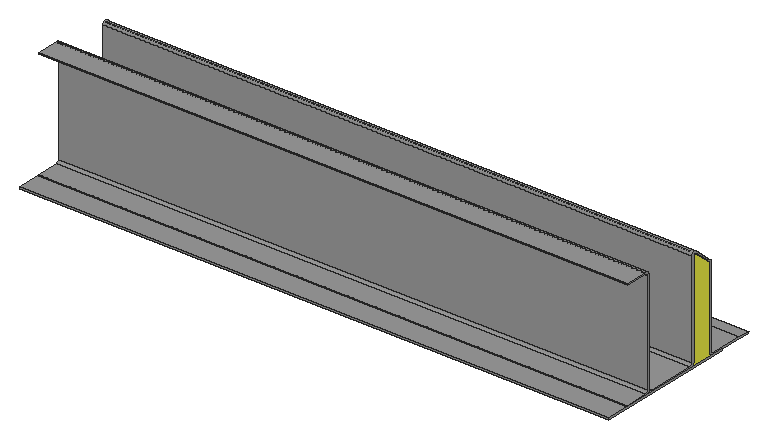
Revit family "HD K 50 215 WIL", category Generic Models, Revit 2014
Parameters (values of type "Max lintel length 2100mm")
  URL = "http://www.keystonelintels.co.uk"
  Structural Opening [instance] = 900 mm
  Structural Performance = "The Keystone lintel range has safe working loads as detailed in each applicable loading table in the Keystone Lintel Guide brochure. The structural performance figures within each table have been ascertained by testing in accordance with the requirements of standards BS EN 5977-2: 1983 and BS EN 845-2: 2003."
  RIBA Productor Selector = "available for Keystone Lintels Ltd from Keystone Lintels Ltd from ribaproductselector.com"
  Model = "HD/K 50 215 WIL"
  Min Length = 600 mm
  Min Clear Span = 300 mm
  Max Length = 2100 mm
  Max Clear Span = 2100 mm
  Material - Stainless Steel = "Grade 304 2b 1.4307 to BS EN 10088-2. Other grades available on request: contact manufacturer."
  Material - Galvanised Steel = "To BS EN 10346: 2009. DX51D plus Z600 or grade Z275 to BS 5977-2: 1983 (BS EN 845-2: 2003)."
  Manufacturer = "Keystone"
  Manufactured Length [instance] = (roundup(Effective Length / 150 mm) * 150 mm)  # 1200 mm
  Lintel height [instance] = 2100 mm
  Keynote = "F30/755"
  Fire Performance = "Keystone lintels have been subjected to a fire test (WARRES No. 101263) in accordance with BS 476-20: 1987, at Exova Warrington Fire and achieved a one hour fire performance."
  End Bearing = 150 mm
  Effective Length [instance] = Clear Opening with MIN MAX set + End Bearing * 2  # 1200 mm
  Corrosion = "Keystone’s standard range of lintels are manufactured from high quality grade pre-galvanized carbon steel with a zinc coating of 600"
  Contact Tel = "+44 (0)28 8676 2184"
  Contact Email = "info@keystonelintels.co.uk"
  Clear Opening with MIN MAX set [instance] = if(Structural Opening < Min Clear Span, Min Clear Span, (if(Structural Opening > Max Clear Span, Max Clear Span, Structural Opening)))  # 900 mm
  CPD Information = "Available for Keystone Lintels Ltd from ribacpd.com"
Reference planes
  plane 1 "Center (Front/Back)": y = 0
  plane 2: z = 0
  plane 3 "Center (Left/Right)": x = 0
  plane 4: x = -600
  plane 5: x = 600
  plane 6: z = 2100
  plane 7: x = -450
  plane 8: x = 450
Forms (mm)
  Extrusion 1, solid, material "Steel"
    sketch origin (0, 658.2, -499.241) x (0, 1, 0) y (0, 0, 1)
      loop
        line (-540.597, 2598.38) -> (-540.486, 2601.578) -> (-565.486, 2602.441) -> (-630.486, 2602.441)
        arc (-630.486, 2602.441) -> (-634.022, 2603.906) -> (-635.486, 2607.441) r 5
        line (-635.486, 2607.441) -> (-635.486, 2771.521)
        arc (-635.486, 2771.521) -> (-635.973, 2773.718) -> (-637.342, 2775.503) r 5.2
        line (-637.342, 2775.503) -> (-674.942, 2807.073)
        arc (-674.942, 2807.073) -> (-680.483, 2807.804) -> (-683.486, 2803.091) r 5.2
        line (-683.486, 2803.091) -> (-683.486, 2607.441)
        arc (-683.486, 2607.441) -> (-684.951, 2603.906) -> (-688.486, 2602.441) r 5
        line (-688.486, 2602.441) -> (-783.486, 2602.441) -> (-783.486, 2599.241) -> (-688.486, 2599.241)
        arc (-688.486, 2599.241) -> (-682.688, 2601.643) -> (-680.286, 2607.441) r 8.2
        line (-680.286, 2607.441) -> (-680.286, 2803.091)
        arc (-680.286, 2803.091) -> (-679.131, 2804.904) -> (-677, 2804.623) r 2
        line (-677, 2804.623) -> (-639.4, 2773.052)
        arc (-639.4, 2773.052) -> (-638.873, 2772.366) -> (-638.686, 2771.521) r 2
        line (-638.686, 2771.521) -> (-638.686, 2607.441)
        arc (-638.686, 2607.441) -> (-636.284, 2601.643) -> (-630.486, 2599.241) r 8.2
        line (-630.486, 2599.241) -> (-565.541, 2599.241) -> (-540.597, 2598.38)
    from -600 to 600
  Extrusion 2, solid, material "Steel"
    sketch origin (0, 657.7, -499.241) x (0, 1, 0) y (0, 0, 1)
      loop
        line (-846.986, 2821.241) -> (-800.986, 2821.241)
        arc (-800.986, 2821.241) -> (-797.451, 2819.777) -> (-795.986, 2816.241) r 5
        line (-795.986, 2816.241) -> (-795.986, 2606.741)
        arc (-795.986, 2606.741) -> (-797.451, 2603.206) -> (-800.986, 2601.741) r 5
        line (-800.986, 2601.741) -> (-846.986, 2601.741) -> (-846.986, 2599.241) -> (-800.986, 2599.241)
        arc (-800.986, 2599.241) -> (-795.683, 2601.438) -> (-793.486, 2606.741) r 7.5
        line (-793.486, 2606.741) -> (-793.486, 2816.241)
        arc (-793.486, 2816.241) -> (-795.683, 2821.544) -> (-800.986, 2823.741) r 7.5
        line (-800.986, 2823.741) -> (-846.986, 2823.741) -> (-846.986, 2821.241)
    from -600 to 600
  Extrusion 3, solid, material "Steel"
    sketch origin (0, 657.2, -499.241) x (0, 1, 0) y (0, 0, 1)
      loop
        line (-893.486, 2596.741) -> (-606.486, 2596.741) -> (-606.486, 2599.241) -> (-893.486, 2599.241) -> (-893.486, 2596.741)
    from -600 to 600
  Extrusion 4, solid, material "Insulation"
    sketch origin (0, 658.2, -499.241) x (0, 1, 0) y (0, 0, 1)
      loop
        arc (-630.486, 2599.241) -> (-636.284, 2601.643) -> (-638.686, 2607.441) r 8.2
        line (-638.686, 2607.441) -> (-638.686, 2771.521)
        arc (-638.686, 2771.521) -> (-638.873, 2772.366) -> (-639.4, 2773.052) r 2
        line (-639.4, 2773.052) -> (-677, 2804.623)
        arc (-677, 2804.623) -> (-679.131, 2804.904) -> (-680.286, 2803.091) r 2
        line (-680.286, 2803.091) -> (-680.286, 2607.441)
        arc (-680.286, 2607.441) -> (-682.688, 2601.643) -> (-688.486, 2599.241) r 8.2
        line (-688.486, 2599.241) -> (-630.486, 2599.241)
    from -600 to 600
  Extrusion 5, solid, not visible
    sketch origin (0, 913.957, 1231.341) x (0, 1, 0) y (0, 0, 1)
      loop
        line (-540.597, 998.38) -> (-540.486, 1001.578) -> (-565.486, 1002.441) -> (-630.486, 1002.441)
        arc (-630.486, 1002.441) -> (-634.022, 1003.906) -> (-635.486, 1007.441) r 5
        line (-635.486, 1007.441) -> (-635.486, 1171.521)
        arc (-635.486, 1171.521) -> (-635.973, 1173.718) -> (-637.342, 1175.503) r 5.2
        line (-637.342, 1175.503) -> (-674.942, 1207.073)
        arc (-674.942, 1207.073) -> (-680.483, 1207.804) -> (-683.486, 1203.091) r 5.2
        line (-683.486, 1203.091) -> (-683.486, 1007.441)
        arc (-683.486, 1007.441) -> (-684.951, 1003.906) -> (-688.486, 1002.441) r 5
        line (-688.486, 1002.441) -> (-783.486, 1002.441) -> (-783.486, 999.241) -> (-688.486, 999.241)
        arc (-688.486, 999.241) -> (-682.688, 1001.643) -> (-680.286, 1007.441) r 8.2
        line (-680.286, 1007.441) -> (-680.286, 1203.091)
        arc (-680.286, 1203.091) -> (-679.131, 1204.904) -> (-677, 1204.623) r 2
        line (-677, 1204.623) -> (-639.4, 1173.052)
        arc (-639.4, 1173.052) -> (-638.873, 1172.366) -> (-638.686, 1171.521) r 2
        line (-638.686, 1171.521) -> (-638.686, 1007.441)
        arc (-638.686, 1007.441) -> (-636.284, 1001.643) -> (-630.486, 999.241) r 8.2
        line (-630.486, 999.241) -> (-565.541, 999.241) -> (-540.597, 998.38)
    from 0 to 250
  Extrusion 6, solid, not visible
    sketch origin (0, 672.566, 1220.436) x (0, 1, 0) y (0, 0, 1)
      loop
        line (-846.986, 1221.241) -> (-800.986, 1221.241)
        arc (-800.986, 1221.241) -> (-797.451, 1219.777) -> (-795.986, 1216.241) r 5
        line (-795.986, 1216.241) -> (-795.986, 1006.741)
        arc (-795.986, 1006.741) -> (-797.451, 1003.206) -> (-800.986, 1001.741) r 5
        line (-800.986, 1001.741) -> (-846.986, 1001.741) -> (-846.986, 999.241) -> (-800.986, 999.241)
        arc (-800.986, 999.241) -> (-795.683, 1001.438) -> (-793.486, 1006.741) r 7.5
        line (-793.486, 1006.741) -> (-793.486, 1216.241)
        arc (-793.486, 1216.241) -> (-795.683, 1221.544) -> (-800.986, 1223.741) r 7.5
        line (-800.986, 1223.741) -> (-846.986, 1223.741) -> (-846.986, 1221.241)
    from 0 to 250
  Extrusion 7, solid, not visible
    sketch origin (0, 984.215, 1035.462) x (0, 1, 0) y (0, 0, 1)
      loop
        line (-893.486, 996.741) -> (-606.486, 996.741) -> (-606.486, 999.241) -> (-893.486, 999.241) -> (-893.486, 996.741)
    from 0 to 250
  Extrusion 8, solid, not visible
    sketch origin (0, 507.776, 848.008) x (0, 1, 0) y (0, 0, 1)
      loop
        arc (-630.486, 999.241) -> (-636.284, 1001.643) -> (-638.686, 1007.441) r 8.2
        line (-638.686, 1007.441) -> (-638.686, 1171.521)
        arc (-638.686, 1171.521) -> (-638.873, 1172.366) -> (-639.4, 1173.052) r 2
        line (-639.4, 1173.052) -> (-677, 1204.623)
        arc (-677, 1204.623) -> (-679.131, 1204.904) -> (-680.286, 1203.091) r 2
        line (-680.286, 1203.091) -> (-680.286, 1007.441)
        arc (-680.286, 1007.441) -> (-682.688, 1001.643) -> (-688.486, 999.241) r 8.2
        line (-688.486, 999.241) -> (-630.486, 999.241)
    from 0 to 250
Dimensions and locks
  equal spacing: plane 4, plane 3 "Center (Left/Right)", plane 5
  "Manufactured Length": plane 4 to plane 5
  "Lintel height": plane 6 to level
  "Structural Opening": plane 7 to plane 8
  equal spacing: plane 7, plane 3 "Center (Left/Right)", plane 8
  aligned and locked: level to plane 2
  aligned and locked: Extrusion 1 to plane 6
  aligned and locked: Extrusion 4 to plane 6
  aligned and locked: Extrusion 2 to plane 6
  aligned and locked: plane 6 to Extrusion 3
  aligned and locked: plane 5 to Extrusion 3
  aligned and locked: Extrusion 3 to plane 4
  aligned and locked: plane 5 to Extrusion 1
  aligned and locked: Extrusion 1 to plane 4
  aligned and locked: plane 5 to Extrusion 4
  aligned and locked: Extrusion 4 to plane 4
  aligned and locked: plane 5 to Extrusion 2
  aligned and locked: Extrusion 2 to plane 4
Automatic sketch dimensions
  Extrusion 1 sketch curve to Extrusion 1 sketch curve = 24.945 mm
  Extrusion 1 sketch curve to Extrusion 1 sketch curve = 0.11 mm
  Extrusion 1 sketch curve to Extrusion 1 sketch curve = 0.861 mm
  Extrusion 1 sketch curve to Extrusion 1 sketch curve = 0.055 mm
  Extrusion 1 sketch curve to Extrusion 1 sketch curve = 64.945 mm
  Extrusion 1 sketch curve to Extrusion 1 sketch curve = 0 mm  (x17)
  Extrusion 1 sketch curve to Extrusion 1 sketch curve = 5 mm  (x2)
  Extrusion 1 sketch curve to Extrusion 1 sketch curve = 164.08 mm
  Extrusion 1 sketch curve to Extrusion 1 sketch curve = 2 mm
  Extrusion 1 sketch curve to Extrusion 1 sketch curve = 0.714 mm
  Extrusion 1 sketch curve to Extrusion 1 sketch curve = 37.6 mm
  Extrusion 1 sketch curve to Extrusion 1 sketch curve = 31.57 mm
  Extrusion 1 sketch curve to Extrusion 1 sketch curve = 2.058 mm  (x2)
  Extrusion 1 sketch curve to Extrusion 1 sketch curve = 2.451 mm
  Extrusion 1 sketch curve to Extrusion 1 sketch curve = 1.286 mm
  Extrusion 1 sketch curve to Extrusion 1 sketch curve = 1.532 mm
  Extrusion 1 sketch curve to Extrusion 1 sketch curve = 95 mm
  Extrusion 2 sketch curve to Extrusion 2 sketch curve = 46 mm  (x2)
  Extrusion 2 sketch curve to Extrusion 2 sketch curve = 2.5 mm
  Extrusion 2 sketch curve to Extrusion 2 sketch curve = 5 mm  (x2)
  Extrusion 2 sketch curve to Extrusion 2 sketch curve = 209.5 mm
  Extrusion 2 sketch curve to Extrusion 2 sketch curve = 0 mm  (x8)
  Extrusion 3 sketch curve to Extrusion 3 sketch curve = 287 mm
  Extrusion 3 sketch curve to Extrusion 3 sketch curve = 2.5 mm
  Extrusion 4 sketch curve to Extrusion 4 sketch curve = 8.2 mm  (x3)
  Extrusion 4 sketch curve to Extrusion 4 sketch curve = 49.8 mm  (x2)
  Extrusion 4 sketch curve to Extrusion 4 sketch curve = 0 mm  (x2)
  Extrusion 4 sketch curve to Extrusion 4 sketch curve = 164.08 mm
  Extrusion 4 sketch curve to Extrusion 4 sketch curve = 31.57 mm
  Extrusion 4 sketch curve to Extrusion 4 sketch curve = 2 mm
  Extrusion 4 sketch curve to Extrusion 4 sketch curve = 0.714 mm
  Extrusion 4 sketch curve to Extrusion 4 sketch curve = 3.286 mm
  Extrusion 4 sketch curve to Extrusion 4 sketch curve = 1.532 mm
  Extrusion 5 sketch curve to Extrusion 5 sketch curve = 24.945 mm
  Extrusion 5 sketch curve to Extrusion 5 sketch curve = 0.11 mm
  Extrusion 5 sketch curve to Extrusion 5 sketch curve = 0.861 mm
  Extrusion 5 sketch curve to Extrusion 5 sketch curve = 0.055 mm
  Extrusion 5 sketch curve to Extrusion 5 sketch curve = 64.945 mm
  Extrusion 5 sketch curve to Extrusion 5 sketch curve = 0 mm  (x17)
  Extrusion 5 sketch curve to Extrusion 5 sketch curve = 5 mm  (x2)
  Extrusion 5 sketch curve to Extrusion 5 sketch curve = 164.08 mm
  Extrusion 5 sketch curve to Extrusion 5 sketch curve = 2 mm
  Extrusion 5 sketch curve to Extrusion 5 sketch curve = 0.714 mm
  Extrusion 5 sketch curve to Extrusion 5 sketch curve = 37.6 mm
  Extrusion 5 sketch curve to Extrusion 5 sketch curve = 31.57 mm
  Extrusion 5 sketch curve to Extrusion 5 sketch curve = 2.058 mm  (x2)
  Extrusion 5 sketch curve to Extrusion 5 sketch curve = 2.451 mm
  Extrusion 5 sketch curve to Extrusion 5 sketch curve = 1.286 mm
  Extrusion 5 sketch curve to Extrusion 5 sketch curve = 1.532 mm
  Extrusion 5 sketch curve to Extrusion 5 sketch curve = 95 mm
  Extrusion 6 sketch curve to Extrusion 6 sketch curve = 46 mm  (x2)
  Extrusion 6 sketch curve to Extrusion 6 sketch curve = 2.5 mm
  Extrusion 6 sketch curve to Extrusion 6 sketch curve = 5 mm  (x2)
  Extrusion 6 sketch curve to Extrusion 6 sketch curve = 209.5 mm
  Extrusion 6 sketch curve to Extrusion 6 sketch curve = 0 mm  (x8)
  Extrusion 7 sketch curve to Extrusion 7 sketch curve = 287 mm
  Extrusion 7 sketch curve to Extrusion 7 sketch curve = 2.5 mm
  Extrusion 8 sketch curve to Extrusion 8 sketch curve = 8.2 mm  (x3)
  Extrusion 8 sketch curve to Extrusion 8 sketch curve = 49.8 mm  (x2)
  Extrusion 8 sketch curve to Extrusion 8 sketch curve = 0 mm  (x2)
  Extrusion 8 sketch curve to Extrusion 8 sketch curve = 164.08 mm
  Extrusion 8 sketch curve to Extrusion 8 sketch curve = 31.57 mm
  Extrusion 8 sketch curve to Extrusion 8 sketch curve = 2 mm
  Extrusion 8 sketch curve to Extrusion 8 sketch curve = 0.714 mm
  Extrusion 8 sketch curve to Extrusion 8 sketch curve = 3.286 mm
  Extrusion 8 sketch curve to Extrusion 8 sketch curve = 1.532 mm
  Extrusion 1 sketch curve to plane 6 = 0 mm
  plane 1 "Center (Front/Back)" to Extrusion 1 sketch curve = 125.286 mm
  Extrusion 3 sketch curve to plane 6 = 0 mm
  plane 1 "Center (Front/Back)" to Extrusion 3 sketch curve = 236.286 mm
  Extrusion 4 sketch curve to plane 6 = 0 mm
  plane 1 "Center (Front/Back)" to Extrusion 4 sketch curve = 30.286 mm
  Extrusion 2 sketch curve to plane 6 = 0 mm
  plane 1 "Center (Front/Back)" to Extrusion 2 sketch curve = 189.286 mm
